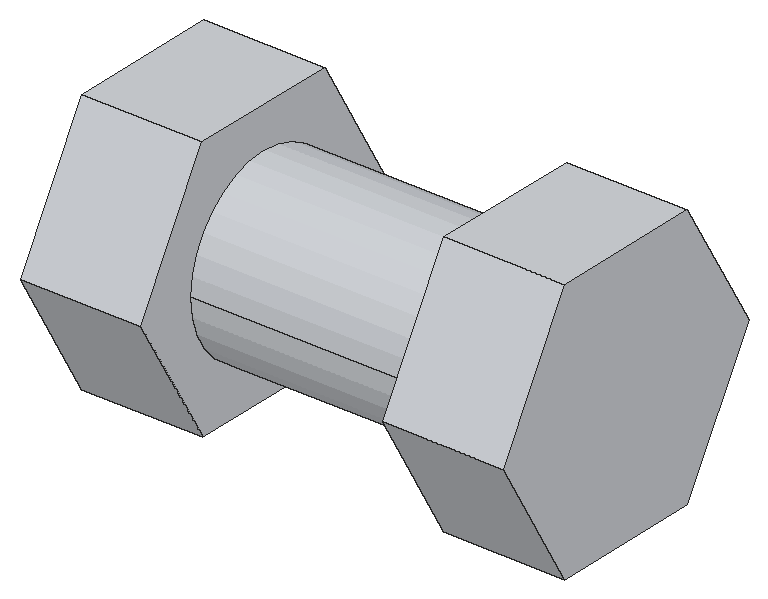
Revit family "Válvula de verificação - 20-50 mm - Rosqueada", category Acessórios do tubo, Revit 2019
Family settings
  Cota do conector redondo = Usar raio
  Tipo de parte = Válvula - Quebra entre
  ID de item do Seek = Check Valve - 10-100 mm - Threaded-0000-CAN-ENU
  Com base no plano de trabalho = Não
  Sempre na vertical = Sim
  Corte com vazios quando carregada = Não
  Compartilhado = Não
Parameters (values of type "50 mm")
  Largura 1 = Largura do símbolo / 8  # 4.005 mm
  Material da válvula = none
  Largura do símbolo = 0.5 * Comprimento do corpo * tan(30.00°)  # 32.043 mm
  Raio nominal = 25 mm
  Diâmetro nominal = Raio nominal * 2  # 50 mm
  Método de perda = Coeficiente K
  Comprimento 4 = Raio do adaptador * (1 - sin(60.00°))  # 4.689 mm
  Comprimento 3 = Raio do adaptador * cos(60.00°)  # 17.5 mm
  Comprimento 2 = Largura do símbolo / 2  # 16.021 mm
  Comprimento 1 = Raio do corpo / 3  # 7 mm
  K Coefficient = 0.35
  Raio do corpo = Diâmetro do corpo / 2  # 21 mm
  Comprimento do corpo = 111 mm
  Diâmetro do corpo = 0.6 * Diâmetro do adaptador  # 42 mm
  Raio do adaptador = Diâmetro do adaptador / 2  # 35 mm
  Comprimento do adaptador = 0.25 * Comprimento do corpo  # 27.75 mm
  Diâmetro do adaptador = 70 mm
Types (6, lengths in mm): name | Largura 1 | Largura do símbolo | Raio nominal | Diâmetro nominal | Comprimento 4 | Comprimento 3 | Comprimento 2 | Comprimento 1 | Raio do corpo | Comprimento do corpo | Diâmetro do corpo | Raio do adaptador | Comprimento do adaptador | Diâmetro do adaptador
  (no name) | 4.005 | 32.043 | 25 | 50 | 4.689 | 17.5 | 16.021 | 7 | 21 | 111 | 42 | 35 | 27.75 | 70
  20 mm | 2.165 | 17.321 | 10 | 20 | 2.123 | 7.925 | 8.66 | 3.17 | 9.51 | 60 | 19.02 | 15.85 | 15 | 31.7
  25 mm | 2.382 | 19.053 | 12.5 | 25 | 2.479 | 9.25 | 9.526 | 3.7 | 11.1 | 66 | 22.2 | 18.5 | 16.5 | 37
  32 mm | 2.959 | 23.671 | 16 | 32 | 3.148 | 11.75 | 11.836 | 4.7 | 14.1 | 82 | 28.2 | 23.5 | 20.5 | 47
  40 mm | 3.175 | 25.403 | 20 | 40 | 3.55 | 13.25 | 12.702 | 5.3 | 15.9 | 88 | 31.8 | 26.5 | 22 | 53
  50 mm | 4.005 | 32.043 | 25 | 50 | 4.689 | 17.5 | 16.021 | 7 | 21 | 111 | 42 | 35 | 27.75 | 70
Reference planes
  plane 1 "Centro (frente/trás)": y = 0
  plane 2: z = 0
  plane 3 "Centro (direita/esquerda)": x = 0
  plane 4: x = -55.5
  plane 5: x = 55.5
  plane 6: x = -27.75
  plane 7: x = 27.75
  plane 8: y = 35
  plane 9: y = -35
  plane 10: y = 32.043
  plane 11: y = -32.043
  plane 12: y = 36.048
  plane 13: y = 40.054
  plane 14: x = 11.729
  plane 15: y = 17.5
  plane 16: y = -17.5
  plane 17: z = 30.311
  plane 18: z = -30.311
  plane 19 "Topo do adaptador": z = 35
  plane 20 "Parte inferior do adaptador": z = -35
  plane 21: y = 17.5
  plane 22: y = -17.5
  plane 23: z = 30.311
  plane 24: z = -30.311
Forms (mm)
  Extrusion 1, solid, material <- "Material da válvula", detail levels fine
    sketch origin (0, 0, 0) x (0, 1, 0) y (0, 0, 1)
      loop
        circle (0, 0) r 21
    from -27.75 to 27.75
  Extrusion 2, solid, material <- "Material da válvula", detail levels fine
    sketch origin (0, 0, 0) x (0, 1, 0) y (0, 0, 1)
      loop
        line (17.5, 30.311) -> (-17.5, 30.311) -> (-35, 0) -> (-17.5, -30.311) -> (17.5, -30.311) -> (35, 0) -> (17.5, 30.311)
    from -55.5 to -27.75
  Extrusion 3, solid, material <- "Material da válvula", detail levels fine
    sketch origin (0, 0, 0) x (0, 1, 0) y (0, 0, -1)
      loop
        line (17.5, -30.311) -> (35, 0) -> (17.5, 30.311) -> (-17.5, 30.311) -> (-35, 0) -> (-17.5, -30.311) -> (17.5, -30.311)
    from -55.5 to -27.75
Cuts and joins
  joined: Extrusion 1, Extrusion 2, Extrusion 3
Lines and regions (mm)
  model lines, detail levels coarse+medium
    curve 1: line (-55.5, 32.043, 0) -> (55.5, -32.043, 0)
    curve 2: line (-55.5, -32.043, 0) -> (0, 0, 0)
    curve 3: line (-55.5, 32.043, 0) -> (-55.5, -32.043, 0)
    curve 4: line (55.5, 32.043, 0) -> (55.5, -32.043, 0)
Dimensions and locks
  equal spacing: plane 4, plane 3 "Centro (direita/esquerda)", plane 5
  "Comprimento do corpo": plane 4 to plane 5
  "Comprimento do adaptador": plane 4 to plane 6
  "Comprimento do adaptador": plane 7 to plane 5
  "Largura do símbolo": plane 10 to plane 1 "Centro (frente/trás)"
  "Largura do símbolo": plane 1 "Centro (frente/trás)" to plane 11
  "Largura 1": plane 12 to plane 10
  "Largura 1": plane 13 to plane 12
  "Comprimento 2": plane 14 to plane 7
  equal spacing: plane 8, plane 1 "Centro (frente/trás)", plane 9
  "Diâmetro do adaptador": plane 8 to plane 9
  "Comprimento 3": plane 15 to plane 1 "Centro (frente/trás)"
  equal spacing: plane 15, plane 1 "Centro (frente/trás)", plane 16
  "Raio do adaptador": plane 19 "Topo do adaptador" to plane 2
  "Raio do adaptador": plane 2 to plane 20 "Parte inferior do adaptador"
  "Comprimento 4": plane 19 "Topo do adaptador" to plane 17
  "Comprimento 4": plane 20 "Parte inferior do adaptador" to plane 18
  "Comprimento 3": plane 1 "Centro (frente/trás)" to plane 16
  "Comprimento 3": plane 21 to plane 1 "Centro (frente/trás)"
  "Comprimento 3": plane 1 "Centro (frente/trás)" to plane 22
  "Comprimento 4": plane 19 "Topo do adaptador" to plane 23
  "Comprimento 4": plane 20 "Parte inferior do adaptador" to plane 24
  "Raio do corpo": radius of Extrusion 1 sketch curve
  aligned and locked: plane 2 to Extrusion 1 sketch curve
  aligned and locked: plane 1 "Centro (frente/trás)" to Extrusion 1 sketch curve
  aligned and locked: Extrusion 1 to plane 6
  aligned and locked: plane 7 to Extrusion 1
  aligned and locked: Extrusion 2 to plane 4
  aligned and locked: plane 6 to Extrusion 2
  aligned and locked: plane 11 to curve 1
  aligned and locked: plane 5 to curve 1
  aligned and locked: plane 10 to curve 1
  aligned and locked: plane 11 to curve 2
  aligned and locked: plane 4 to curve 2
  aligned and locked: plane 1 "Centro (frente/trás)" to curve 2
  aligned and locked: curve 3 to plane 4
  aligned and locked: plane 10 to curve 4
  aligned and locked: curve 4 to plane 5
  aligned and locked: plane 5 to Extrusion 3
  aligned and locked: Extrusion 3 to plane 7
Automatic sketch dimensions
  Extrusion 2 sketch curve to level = 0 mm  (x2)
  Extrusion 2 sketch curve to plane 9 = 0 mm
  Extrusion 2 sketch curve to plane 16 = 0 mm  (x2)
  Extrusion 2 sketch curve to plane 15 = 0 mm  (x2)
  Extrusion 2 sketch curve to plane 8 = 0 mm
  plane 18 to Extrusion 2 sketch curve = 0 mm
  Extrusion 2 sketch curve to plane 17 = 0 mm
  Extrusion 3 sketch curve to level = 0 mm  (x2)
  Extrusion 3 sketch curve to plane 9 = 0 mm
  Extrusion 3 sketch curve to plane 22 = 0 mm  (x2)
  Extrusion 3 sketch curve to plane 21 = 0 mm  (x2)
  Extrusion 3 sketch curve to plane 8 = 0 mm
  Extrusion 3 sketch curve to plane 23 = 0 mm
  plane 24 to Extrusion 3 sketch curve = 0 mm
Connectors
  piping at (-55.5, 0, 0), diameter 50, driven by "Raio nominal"
    settings: on cut or joined group of Extrusion 1, Extrusion 2, Extrusion 3, index 1, connector inside diameter 50 mm, connector length 0 mm, flow factor 0, pipe flow 0.0 L/s, pressure drop 0.0 Pa, fitting loss kfactor 0, connector angle 0.00°, fixture units 0, engagement length 0 mm, angle of deflection 0.00°, flow configuration 0, flow direction 0, fitting loss method 0, system type 29, joint type 0, gender type 0, connector reference index 2, connector utility 0, adjustable connector no, is connector primary yes, connector description "In"
  piping at (55.5, 0, 0), diameter 50, driven by "Raio nominal"
    settings: on Extrusion 3, index 2, connector inside diameter 50 mm, connector length 0 mm, flow factor 0, pipe flow 0.0 L/s, pressure drop 0.0 Pa, fitting loss kfactor 0, connector angle 0.00°, fixture units 0, engagement length 0 mm, angle of deflection 0.00°, flow configuration 0, flow direction 0, fitting loss method 0, system type 29, joint type 0, gender type 0, connector reference index 1, connector utility 0, adjustable connector no, is connector primary no, connector description "Saída"
